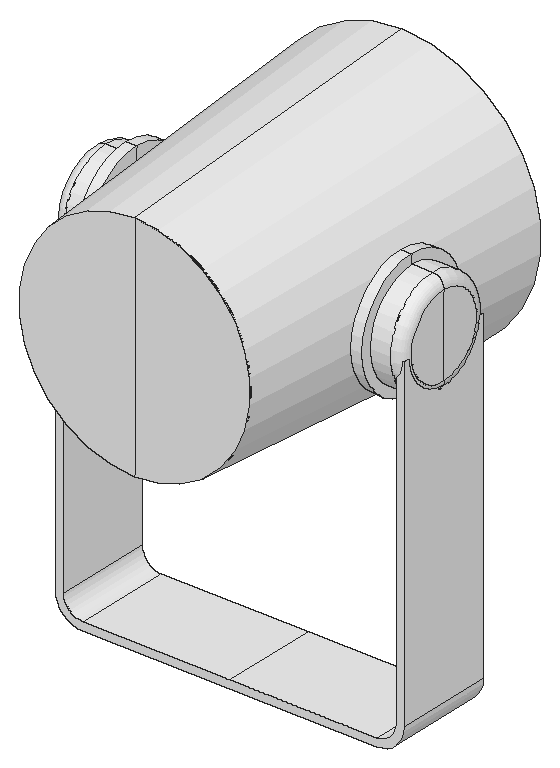
Revit family "Lighting-Floodlight-Acclaim-Unity S1", category Lighting Fixtures, host Face, Revit 2020
Family settings
  Host = Face
  Round Connector Dimension = Use Diameter
  Part Type = Normal
  Cut with Voids When Loaded = No
  Light Source = Yes
  Shared = No
  Room Calculation Point = No
Parameters
  Width = 10.90"
  Wattage = 9.2903 W
  built-in parameter 1150110 = 1 (stored number, unit not read)
  Voltage = 0 V
  URL = "http://www.acclaimlighting.com/"
  built-in parameter 1114217 = 1 (stored number, unit not read)
  Tilt Angle = -90.00°
  built-in parameter 1150109 = 1 (stored number, unit not read)
  built-in parameter 1150134 = 3
  built-in parameter 1150113 = 1 (stored number, unit not read)
  Power Factor = 1
  Photometric Web File = "Load File"
  Number of Poles = 1
  built-in parameter 1150142 = (empty or 0)
  Model = "Unity"
  Manufacturer = "Acclaim Lighting"
  built-in parameter 1150105 = 109.82 (stored number, unit not read)
  Lumens = 1380 lm
  built-in parameter 1150115 = 1 (stored number, unit not read)
  built-in parameter 1150137 = (empty or 0)
  built-in parameter 1150139 = (empty or 0)
  Length = 10.30"
  built-in parameter 1150112 = 1 (stored number, unit not read)
  built-in parameter 1150114 = 1 (stored number, unit not read)
  Lamp = "LED"
  built-in parameter 1150132 = (empty or 0)
  built-in parameter 1150102 = (empty or 0)
  built-in parameter 1150107 = 3200 (stored number, unit not read)
  built-in parameter 1150138 = (empty or 0)
  built-in parameter 1150106 = 1.0982 (stored number, unit not read)
  Housing Finish = Aluminum
  Emit from Circle Diameter = 8.60"
  Emit Shape Visible in Rendering = no
  built-in parameter 1150104 = 13.8 (stored number, unit not read)
  Dimming Lamp Color Temperature Shift = <None>
  Description = "Outdoor Floodlight"
  Default Elevation = 48.00"
  Color Filter = 16777215
  built-in parameter 1114218 = 1 (stored number, unit not read)
  built-in parameter 1150133 = 10 (stored number, unit not read)
  Apparent Load = 0 VA
Reference planes (in)
  plane 1 "Center (Front/Back)": y = 0
  plane 2: z = 0
  plane 3 "Center (Left/Right)": x = 0
  plane 4: z = 9.6
  plane 5: x = 0
  plane 6: z = 9.2
  plane 7: y = 5.15
  plane 8: y = -5.15
  plane 9: y = 5.15
  plane 10: y = -5.15
  plane 11: z = 16.18
  plane 12: x = -5.45053
  plane 13: x = 5.45053
  plane 14: x = -4.30108
  plane 15: x = 4.30108
Forms (in)
  Extrusion 1, solid, material "Aluminum"
    sketch origin (0, 0, 0) x (1, 0, 0) y (0, 0, 1)
      loop
        line (0, 0.25) -> (-4.51611, 0.25)
        arc (-4.51611, 0.25) -> (-4.93901, 0.42517) -> (-5.11418, 0.84807) r 0.59807
        line (-5.11418, 0.84807) -> (-5.11418, 10.88744) -> (-5.36418, 10.88744) -> (-5.36418, 0.84807)
        arc (-5.36418, 0.84807) -> (-5.11579, 0.24839) -> (-4.51611, 0) r 0.84807
        line (-4.51611, 0) -> (0, 0) -> (4.51611, 0)
        arc (4.51611, 0) -> (5.11579, 0.24839) -> (5.36418, 0.84807) r 0.84807
        line (5.36418, 0.84807) -> (5.36418, 10.88744) -> (5.11418, 10.88744) -> (5.11418, 0.84807)
        arc (5.11418, 0.84807) -> (4.93901, 0.42517) -> (4.51611, 0.25) r 0.59807
        line (4.51611, 0.25) -> (0, 0.25)
    from -1.50854 to 1.49366
  Revolve 2, solid, material "Aluminum"
    sketch origin (0, 0, 0) x (0, 1, 0) y (0, 0, 1)
      loop
        line (5.64961, 15.305) -> (-5.13885, 14.55426) -> (-5.13885, 11.00012) -> (5.64961, 11.00012) -> (5.64961, 15.305)
      axis (5.64961, 11.00012) -> (-5.13885, 11.00012)
    angle from 0 to 360
  Revolve 3, solid, material "Aluminum" <- "Housing Finish"
    sketch origin (1.0625, 0, 1.10989) x (-1, 0, 0) y (0, 0, 1)
      loop
        line (6.43769, 9.84425) -> (6.43769, 11.09865)
        arc (6.43769, 11.09865) -> (6.33242, 11.35279) -> (6.07828, 11.45806) r 0.3594
        line (6.07828, 11.45806) -> (5.44883, 11.45806) -> (5.44883, 11.75106) -> (5.11418, 11.75106) -> (5.11418, 9.84425) -> (6.43769, 9.84425)
      axis (5.11418, 9.84425) -> (6.43769, 9.84425)
    angle from 0 to 360
  Revolve 4, solid, material "Aluminum" <- "Housing Finish"
    sketch origin (-1.0625, 0, 1.10989) x (1, 0, 0) y (0, 0, 1)
      loop
        line (6.43769, 9.84425) -> (6.43769, 11.09865)
        arc (6.43769, 11.09865) -> (6.33242, 11.35279) -> (6.07828, 11.45806) r 0.3594
        line (6.07828, 11.45806) -> (5.44883, 11.45806) -> (5.44883, 11.75106) -> (5.11418, 11.75106) -> (5.11418, 9.84425) -> (6.43769, 9.84425)
      axis (5.11418, 9.84425) -> (6.43769, 9.84425)
    angle from 0 to 360
  Extrusion 5, void
    sketch origin (0, 0, -0.19685) x (1, 0, 0) y (0, 0, 1)
      loop
        circle (0, 11.18563) r 4.35044
    from -5.64961 to -5.09056
Cuts and joins
  Extrusion 5 cuts Revolve 2
Dimensions and locks (in)
  equal spacing: plane 7, plane 1 "Center (Front/Back)", plane 8
  "Length": plane 7 to plane 8
  equal spacing: plane 9, plane 1 "Center (Front/Back)", plane 10
  "Length": plane 9 to plane 10
  equal spacing: plane 13, plane 3 "Center (Left/Right)", plane 12
  plane 13 to plane 12 = 10.90105"
  plane 15 to plane 14 = 8.60216"
  equal spacing: plane 15, plane 3 "Center (Left/Right)", plane 14
  aligned and locked: plane 2 to host face
  aligned and locked: level to host face
  aligned and locked: Extrusion 5 to Revolve 2
  aligned and locked: imposter light to cut or joined group of Revolve 2, Extrusion 5
Automatic sketch dimensions
  host sketch curve to host sketch curve = 96.00"  (x2)
  Extrusion 1 sketch curve to Extrusion 1 sketch curve = 0.00"  (x6)
  Extrusion 1 sketch curve to level = 0.00"
  Extrusion 1 sketch curve to plane 3 "Center (Left/Right)" = 0.00"  (x2)
  Extrusion 1 sketch curve to plane 4 = 1.28744"  (x2)
  Revolve 3 sketch curve to Revolve 3 sketch curve = 0.33465"
  plane 4 to Revolve 3 sketch curve = 1.35414"  (x2)
  Revolve 3 sketch curve to Revolve 3 sketch curve = 1.2544"
  Revolve 3 sketch curve to Revolve 3 sketch curve = 0.293"
  Revolve 3 sketch curve to Revolve 3 sketch curve = 0.00"
  Revolve 3 sketch curve to Revolve 3 sketch curve = 0.52489"
  Revolve 4 sketch curve to Revolve 4 sketch curve = 0.33465"
  Revolve 4 sketch curve to plane 4 = 1.35414"  (x2)
  Revolve 4 sketch curve to Revolve 4 sketch curve = 1.2544"
  Revolve 4 sketch curve to Revolve 4 sketch curve = 0.293"
  Revolve 4 sketch curve to Revolve 4 sketch curve = 0.00"
  Revolve 4 sketch curve to Revolve 4 sketch curve = 0.52489"
  Extrusion 5 sketch curve to plane 3 "Center (Left/Right)" = 0.00"
  Extrusion 5 sketch curve to plane 4 = 1.38878"
  Extrusion 1 sketch curve to Extrusion 1 sketch curve = 4.51611"
  Extrusion 1 sketch curve to plane 3 "Center (Left/Right)" = 5.11418"
  Extrusion 1 sketch curve to Extrusion 1 sketch curve = 0.25"
  plane 4 to Revolve 3 sketch curve = 3.26094"
  plane 3 "Center (Left/Right)" to Revolve 3 sketch curve = 4.05168"
  Revolve 3 sketch curve to Revolve 3 sketch curve = 0.62945"
  plane 3 "Center (Left/Right)" to Extrusion 1 sketch curve = 4.51611"
  Extrusion 1 sketch curve to Extrusion 1 sketch curve = 0.59807"
  Revolve 4 sketch curve to plane 4 = 3.26094"
  plane 3 "Center (Left/Right)" to Revolve 4 sketch curve = 4.05168"
  Revolve 4 sketch curve to Revolve 4 sketch curve = 0.62945"
  Revolve 2 sketch curve to plane 7 = 0.00"
  Revolve 2 sketch curve to plane 8 = 0.01115"
  Revolve 2 sketch curve to plane 7 = 0.49961"
  Revolve 2 sketch curve to plane 4 = 1.40012"  (x2)
  Revolve 2 sketch curve to plane 11 = 1.62574"
  Revolve 2 sketch curve to plane 11 = 0.875"
  plane 8 to Revolve 2 sketch curve = 15.47244"
  radius of Extrusion 5 sketch curve = 4.35044"
Connectors (in)
  electrical at (0, -5.13885, 11.00012), driven by "Number of Poles", driven by "Voltage", driven by "Apparent Load", driven by "Power Factor"
    settings: on cut or joined group of Revolve 2, Extrusion 5, index 1, voltage 0 V, apparent load 0 VA, apparent load phase1 0 VA, apparent load phase2 0 VA, apparent load phase3 0 VA, power factor 1, load classification "Other", number of poles 1, system type 31, power factor state 1, is connector primary yes, connector utility no, sub classification motor no, connector description ""
